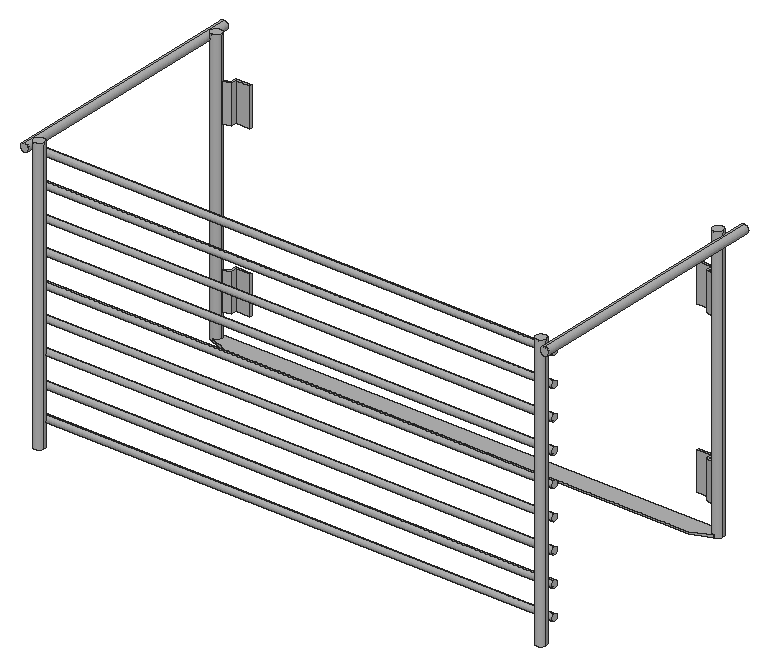
Revit family "WashbasinUnit-WithShelf-Vitra-EqualSeries-64082-64084", category Furniture Systems, host Face, Revit 2017
Family settings
  Host = Face
  Round Connector Dimension = Use Diameter
  Part Type = Normal
  OmniClass Number = 23.40.00.00
  OmniClass Title = Equipment and Furnishings
  Cut with Voids When Loaded = No
  Shared = Yes
  Room Calculation Point = No
Parameters (values of type "WashbasinUnit-WithShelf-Vitra-EqualSeries-80cm_64084")
  Youtube = "https://www.youtube.com/user/VitrAglobal"
  Width(mm) = 820 mm
  Weight Net (kg) = "37,000"
  Warranty Period (Year) = "2"
  Uniformat II Description = "FURNISHINGS"
  Uniformat II Code = "E20"
  Uniclass 2015 Name = "Wash basins, sinks and troughs"
  Uniclass 2015 Code = "Pr_40_20_93"
  Uniclass 2.0 Description = "Bathroom Cabinets"
  Uniclass 1.4 Description = "Bathroom Cabinets"
  Uniclass 2.0 Code = "PR-35-75-08"
  Uniclass 1.4 Code = "L8241"
  URL = "https://vitraglobal.com/"
  UNSPSC Description = "Bathroom Cabinets"
  UNSPSC Code = "301815"
  Technical description = "https://www.vitra.com.tr/pdf/64084/"
  Tap hole Options (default) = ""
  Specification = ""
  Region South America = "All"
  Region Oceania = "All"
  Region North America = "All"
  Region Middle East = "All"
  Region Europe = "All"
  Region Asia = "All"
  Region Antarctica = "All"
  Region Africa = "All"
  Product group = "Washbasin Unit"
  Product family = "Equal"
  Product data url = "https://www.vitraglobal.com/bathroom-furniture/washbasin-unit/free/equal-washbasin-unit-80-cm-with-shelf-sku-64084"
  Product certification = "https://vitraglobal.com/catalogues/quality-certificates"
  Product SKU = "64084"
  Product Guid = ""
  Primary Material = Vitra-chrome
  OmniClass Description = "Bathroom Cabinets"
  OmniClass Code = "23-31 25 13"
  Nominal width = "0.000"
  Nominal height = "0.000"
  NBS Referans Description = "Bathroom Cabinets"
  NBS Referans Code = "35-75-08"
  Model = "64084"
  Masterformat 2014 Description = "Bathroom Unit Modules"
  Masterformat 2014 Code = "13 42 13"
  Manufacturer name = "Vitra"
  Manufacturer = "Vitra"
  Installation instructions = ""
  IFC Classification = "Furniture"
  Help = ""
  Height(mm) = 393 mm
  Design country = "Turkey"
  Description = "Equal Washbasin Unit, 80 cm, with Shelf"
  Depth(mm) = 432 mm
  Default Elevation = 660 mm
  Construction Type = "Face Mounted"
  Color = ""
  COBIe Type Category = ""
  BIMobject category = "Bathroom compound units"
  Article No. (default) = "64084"
  Accessories (default) = ""
Types (3, lengths in mm): name | Width(mm) | Weight Net (kg) | Technical description | Product data url | Product SKU | Model | Description | Article No. (default)
  (no name) | 820 | "37,000" | "https://www.vitra.com.tr/pdf/64084/" | "https://www.vitraglobal.com/bathroom-furniture/washbasin-unit/free/equal-washbasin-unit-80-cm-with-shelf-sku-64084" | "64084" | "64084" | "Equal Washbasin Unit, 80 cm, with Shelf" | "64084"
  WashbasinUnit-WithShelf-Vitra-EqualSeries-60cm_64082 | 620 | "30,200" | "https://www.vitra.com.tr/pdf/64082/" | "https://www.vitraglobal.com/bathroom-furniture/washbasin-unit/free/equal-washbasin-unit-60-cm-with-shelf-sku-64082" | "64082" | "64082" | "Equal Washbasin Unit, 60 cm, with Shelf" | "64082"
  WashbasinUnit-WithShelf-Vitra-EqualSeries-80cm_64084 | 820 | "37,000" | "https://www.vitra.com.tr/pdf/64084/" | "https://www.vitraglobal.com/bathroom-furniture/washbasin-unit/free/equal-washbasin-unit-80-cm-with-shelf-sku-64084" | "64084" | "64084" | "Equal Washbasin Unit, 80 cm, with Shelf" | "64084"
Reference planes
  plane 1 "Center (Front/Back)": y = 0
  plane 2: z = -0.016
  plane 3 "Center (Left/Right)": x = 0.51
  plane 4: y = 200.515
  plane 5: y = -192.485
  plane 6: x = 410.51
  plane 7: x = -409.49
  plane 8: x = 407.026
  plane 9: x = -405.912
  plane 10: x = -351.549
  plane 11: x = 353.09
  plane 12: x = -351.547
  plane 13: z = 431.984
Forms (mm)
  Extrusion 1, solid, material "Vitra-chrome" <- "Primary Material"
    sketch origin (306.088, -172.533, 35) x (0, 0, -1) y (0, 1, 0)
      loop
        circle (0, 3.959) r 5
      loop
        circle (-47.103, 3.959) r 5
      loop
        circle (-94.059, 3.959) r 5
      loop
        circle (-140.935, 3.959) r 5
      loop
        circle (-187.962, 3.959) r 5
      loop
        circle (-234.996, 3.959) r 5
      loop
        circle (-281.951, 3.959) r 5
      loop
        circle (-329.053, 3.959) r 5
      loop
        circle (-375.872, 3.959) r 5
    from 100.938 to -712
  Extrusion 2, solid, material "Vitra-chrome" <- "Primary Material"
    sketch origin (-294.912, 174.599, 432) x (-1, 0, 0) y (0, -1, 0)
      loop
        circle (100.07, 7.079) r 8
      loop
        circle (-690.867, 7.079) r 8
      loop
        circle (100.07, 356.062) r 8
      loop
        circle (-690.867, 356.062) r 8
    from 0 to -432
  Extrusion 3, solid, material "Vitra-chrome" <- "Primary Material"
    sketch origin (-269.689, 182.612, 366) x (-1, 0, 0) y (0, -1, 0)
      loop
        line (106.86, 0) -> (106.86, 9.5) -> (117.077, 13) -> (117.077, 16.171) -> (103.86, 11.643) -> (103.86, 3) -> (81.86, 3) -> (81.86, 0) -> (106.86, 0)
      loop
        line (-647.777, 0) -> (-622.777, 0) -> (-622.777, 3) -> (-644.777, 3) -> (-644.777, 11.643) -> (-657.994, 16.171) -> (-657.994, 13) -> (-647.777, 9.5) -> (-647.777, 0)
    from 0 to -60
  Extrusion 4, solid, material "Vitra-chrome" <- "Primary Material"
    sketch origin (-169.687, 182.612, 100) x (-1, 0, 0) y (0, -1, 0)
      loop
        line (206.86, 0) -> (206.86, 9.5) -> (217.077, 13) -> (217.077, 16.171) -> (203.86, 11.643) -> (203.86, 3) -> (181.86, 3) -> (181.86, 0) -> (206.86, 0)
      loop
        line (-547.777, 0) -> (-522.777, 0) -> (-522.777, 3) -> (-544.777, 3) -> (-544.777, 11.643) -> (-557.994, 16.171) -> (-557.994, 13) -> (-547.777, 9.5) -> (-547.777, 0)
    from 0 to -60
  Extrusion 5, solid, material "Vitra-chrome" <- "Primary Material"
    sketch origin (-315.915, 200.515, 422.5) x (0, 0, 1) y (1, 0, 0)
      loop
        circle (-0.047, -93.574) r 6.5
      loop
        circle (-0.047, 726.426) r 6.5
    from 0 to -393
  Extrusion 6, solid, material "Vitra-chrome" <- "Primary Material"
    sketch origin (-294.912, 165.015, 0) x (-1, 0, 0) y (0, -1, 0)
      loop
        line (95.336, -10) -> (100.336, -10) -> (100.336, 5.491) -> (70, 18) -> (-660.938, 18) -> (-690.938, 5.495) -> (-690.938, -10) -> (95.336, -10)
    from 0 to 3.377
Dimensions and locks
  "Height(mm)": plane 4 to plane 5
  equal spacing: plane 7, plane 3 "Center (Left/Right)", plane 6
  "Width(mm)": plane 7 to plane 6
  locked: plane 7 to plane 9 at 3.578
  locked: plane 8 to plane 6 at 3.485
  locked: plane 7 to plane 10 at 57.941
  locked: plane 11 to plane 6 at 57.42
  locked: plane 7 to plane 12 at 57.943
  "Depth(mm)": plane 13 to host face
  aligned and locked: plane 2 to host face
  aligned and locked: level to host face
  aligned and locked: plane 8 to Extrusion 1
  aligned and locked: plane 9 to Extrusion 1
  aligned and locked: plane 10 to Extrusion 3
  aligned and locked: plane 11 to Extrusion 4
  aligned and locked: Extrusion 4 to plane 12
Automatic sketch dimensions
  host sketch curve to host sketch curve = 2438.4 mm  (x2)
  Extrusion 1 sketch curve to Extrusion 1 sketch curve = 46.818 mm
  Extrusion 1 sketch curve to Extrusion 1 sketch curve = 47.102 mm
  Extrusion 1 sketch curve to Extrusion 1 sketch curve = 46.955 mm
  Extrusion 1 sketch curve to Extrusion 1 sketch curve = 47.034 mm
  Extrusion 1 sketch curve to Extrusion 1 sketch curve = 47.027 mm
  Extrusion 1 sketch curve to Extrusion 1 sketch curve = 46.877 mm
  Extrusion 1 sketch curve to Extrusion 1 sketch curve = 46.956 mm
  level to Extrusion 1 sketch curve = 35 mm
  Extrusion 1 sketch curve to Extrusion 1 sketch curve = 0 mm  (x8)
  Extrusion 3 sketch curve to Extrusion 3 sketch curve = 10.217 mm  (x2)
  Extrusion 3 sketch curve to Extrusion 3 sketch curve = 3 mm  (x4)
  Extrusion 3 sketch curve to Extrusion 3 sketch curve = 22 mm  (x2)
  Extrusion 3 sketch curve to plane 3 "Center (Left/Right)" = 352.059 mm
  Extrusion 3 sketch curve to Extrusion 3 sketch curve = 9.5 mm
  Extrusion 3 sketch curve to Extrusion 3 sketch curve = 6.5 mm
  Extrusion 3 sketch curve to Extrusion 3 sketch curve = 2.143 mm  (x2)
  Extrusion 3 sketch curve to Extrusion 3 sketch curve = 3.5 mm  (x2)
  Extrusion 3 sketch curve to Extrusion 3 sketch curve = 3.171 mm  (x2)
  Extrusion 4 sketch curve to Extrusion 4 sketch curve = 10.217 mm  (x2)
  Extrusion 4 sketch curve to Extrusion 4 sketch curve = 3 mm  (x4)
  Extrusion 4 sketch curve to Extrusion 4 sketch curve = 22 mm  (x2)
  Extrusion 4 sketch curve to plane 3 "Center (Left/Right)" = 352.057 mm
  Extrusion 4 sketch curve to Extrusion 4 sketch curve = 9.5 mm
  Extrusion 4 sketch curve to Extrusion 4 sketch curve = 6.5 mm
  Extrusion 4 sketch curve to Extrusion 4 sketch curve = 2.143 mm  (x2)
  Extrusion 4 sketch curve to Extrusion 4 sketch curve = 3.5 mm  (x2)
  Extrusion 4 sketch curve to Extrusion 4 sketch curve = 3.171 mm  (x2)
  Extrusion 6 sketch curve to Extrusion 6 sketch curve = 30 mm
  Extrusion 6 sketch curve to Extrusion 6 sketch curve = 25.336 mm
  Extrusion 6 sketch curve to Extrusion 6 sketch curve = 5 mm
  Extrusion 6 sketch curve to Extrusion 6 sketch curve = 15.491 mm
  Extrusion 6 sketch curve to Extrusion 6 sketch curve = 15.495 mm
  Extrusion 2 sketch curve to plane 4 = 32.995 mm  (x2)
  Extrusion 3 sketch curve to plane 4 = 17.903 mm  (x2)
  Extrusion 4 sketch curve to plane 4 = 17.903 mm  (x2)
  Extrusion 6 sketch curve to plane 4 = 25.5 mm
  Extrusion 6 sketch curve to Extrusion 6 sketch curve = 12.505 mm
  plane 5 to Extrusion 1 sketch curve = 23.911 mm
  plane 5 to Extrusion 2 sketch curve = 11.022 mm  (x2)
  Extrusion 2 sketch curve to plane 6 = 14.555 mm  (x2)
  Extrusion 3 sketch curve to plane 6 = 57.422 mm
  Extrusion 4 sketch curve to plane 6 = 57.42 mm
  Extrusion 5 sketch curve to plane 6 = 0 mm
  Extrusion 6 sketch curve to plane 6 = 44.485 mm
  Extrusion 2 sketch curve to plane 7 = 14.507 mm  (x2)
  plane 7 to Extrusion 5 sketch curve = 0 mm
  Extrusion 6 sketch curve to plane 7 = 44.578 mm
  Extrusion 1 sketch curve to Extrusion 1 sketch curve = 47.103 mm
  plane 13 to Extrusion 5 sketch curve = 9.53 mm  (x2)
  radius of Extrusion 1 sketch curve = 5 mm  (x9)
  radius of Extrusion 2 sketch curve = 8 mm  (x4)
  radius of Extrusion 5 sketch curve = 6.5 mm  (x2)
